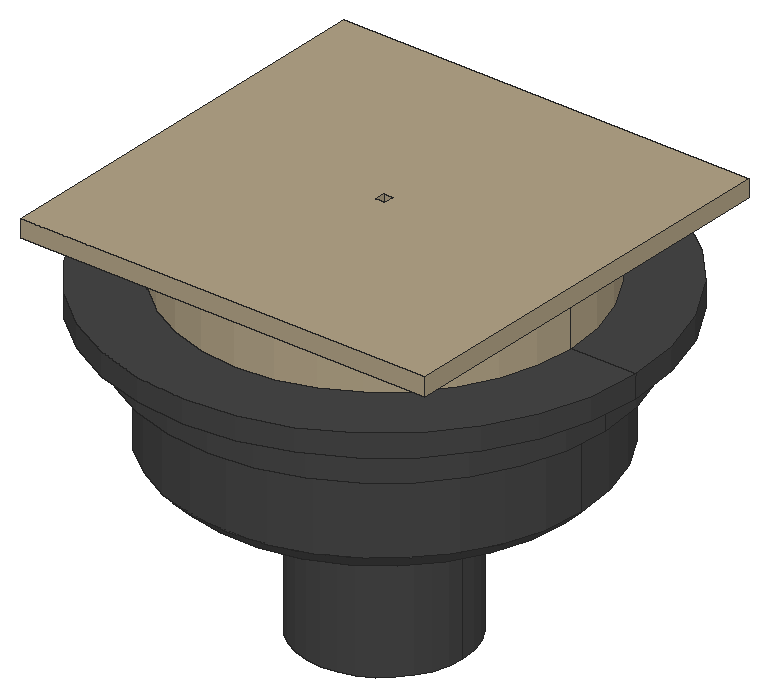
Revit family "Cleanout-Floor-WATTS-CO12-SQ_Series", category Plumbing Fixtures, host Face, Revit 2019
Family settings
  Host = Face
  Round Connector Dimension = Use Radius
  Part Type = Normal
  OmniClass Number = 23.45.55.21
  OmniClass Title = Drains (Wastes)
  Cut with Voids When Loaded = No
  Shared = No
  Room Calculation Point = No
Parameters (values of type "CO12-SQ-2ABS-NB")
  Waste Connection = yes
  WFU = 0
  Vent Connection = no
  URL = "http://www.watts.com"
  Top Material = Metal-WATTS-Nickel Bronze
  Revised Date = "02/07/2023"  # constant formula
  Region = "North America"  # constant formula
  Product Page URL = "https://www.watts.com/products/drainage-solutions/light-commercial/co12-sq"
  Product Documentation Link = "https://www.watts.com/dfsmedia/0533dbba17714b1ab581ab07a4cbb521/60191-source/es-wdlc-co12-sq"
  Outlet Radius = 1"
  Outlet Length = 2"  # constant formula
  Model = "CO12-SQ-2ABS-NB"
  Material = "Plastic-WATTS-ABS"
  Manufacturer Product Line = "Drainage Products"  # constant formula
  Manufacturer = "WATTS"  # constant formula
  Installation Type = "Floor Mounted"  # constant formula
  HWFU = 0
  HW Connection = no
  Grate Width = 5 1/8"  # constant formula
  Grate Height = 7/8"
  Flange Thickness = 0.297"  # constant formula
  Flange Radius = 3 3/16"  # constant formula
  Finish = Plastic-WATTS-ABS
  Description = "PVC/ABS Adjustable Floor Cleanout w/Square Top"  # constant formula
  Default Elevation = 0"
  -SS Stainless Steel Top = no
  -NB Nickel Bronze Top = yes
  -DI Ductile Iron Top = no
  Country = "United States"  # constant formula
  Flange Collar Radius = 2 205/256"
  Connection Size = Outlet Radius * 2  # 2"
  Connection Description = "2\" ABS Connection Outlet"
  CWFU = 0
  CW Connection = no
  Body Radius = 2 1/2"  # constant formula
  Body Length = 2"  # constant formula
  Assembly Code = "D2030300"
  Grate Height Constraint = if(Grate Height < 7/8", 7/8", if(Grate Height > 2 3/4", 2 3/4", Grate Height))  # 7/8"
  -VP Vandal Proof Screws = no
Types (6): name | Outlet Radius | Model | Material | Finish | Connection Size | Connection Description
  CO12-SQ-4ABS-NB | 2" | "CO12-SQ-4ABS-NB" | "Plastic-WATTS-ABS" | Plastic-WATTS-ABS | 4" | "4\" ABS Connection Outlet"
  CO12-SQ-3ABS-NB | 1 1/2" | "CO12-SQ-3ABS-NB" | "Plastic-WATTS-ABS" | Plastic-WATTS-ABS | 3" | "3\" ABS Connection Outlet"
  CO12-SQ-2ABS-NB | 1" | "CO12-SQ-2ABS-NB" | "Plastic-WATTS-ABS" | Plastic-WATTS-ABS | 2" | "2\" ABS Connection Outlet"
  CO12-SQ-2PVC-NB | 1" | "CO12-SQ-2PVC-NB" | "Plastic-WATTS-PVC" | Plastic-WATTS-PVC | 2" | "2\" PVC Connection Outlet"
  CO12-SQ-3PVC-NB | 1 1/2" | "CO12-SQ-3PVC-NB" | "Plastic-WATTS-PVC" | Plastic-WATTS-PVC | 3" | "3\" PVC Connection Outlet"
  CO12-SQ-4PVC-NB | 2" | "CO12-SQ-4PVC-NB" | "Plastic-WATTS-PVC" | Plastic-WATTS-PVC | 4" | "4\" PVC Connection Outlet"
Reference planes (in)
  plane 1 "Center (Front/Back)": y = 0
  plane 2: z = 0
  plane 3 "Center (Left/Right)": x = 0
  plane 4: x = 2.5625
  plane 5: x = -2.5625
  plane 6: y = 2.5625
  plane 7: y = -2.5625
  plane 8: z = -0.875
  plane 9: z = -0.25265
  plane 10: z = -4.875
  plane 11: x = 3.1875
  plane 12: x = -3.1875
Forms (in)
  Revolve 1, solid, material "Plastic-WATTS-ABS" <- "Finish"
    sketch origin (0, 0, 0) x (1, 0, 0) y (0, 0, 1)
      loop
        line (0, -0.875) -> (-3.1875, -0.875) -> (-3.1875, -1.15625) -> (-2.80078, -1.15625) -> (-2.80078, -1.65625) -> (-2.5, -1.65625) -> (-2.5, -2.6799) -> (-2.3049, -2.875) -> (-1, -2.875) -> (-1, -4.875) -> (0, -4.875) -> (0, -0.875)
      axis (0, -4.875) -> (0, -0.875)
    angle from 0 to 360
  Sweep 2, solid, material "Metal-WATTS-Nickel Bronze" <- "Top Material"
    path origin (0, 0, 0) x (1, 0, 0) y (0, 1, 0)
      loop
        line (-2.5625, 2.5625) -> (-2.5625, -2.5625) -> (2.5625, -2.5625) -> (2.5625, 2.5625) -> (-2.5625, 2.5625)
    profile origin (0, 2.5625, 0) x (0, 1, 0) y (0, 0, 1)
      loop
        line (0, 0) -> (-2.5, 0) -> (-2.5, -0.25265) -> (-0.20205, -0.25265) -> (0, -0.22064) -> (0, 0)
  Revolve 3, solid, material "Metal-WATTS-Nickel Bronze" <- "Top Material"
    sketch origin (0, 0, 0) x (1, 0, 0) y (0, 0, 1)
      loop
        line (-2.36045, -0.25265) -> (-2.36045, -0.875) -> (0, -0.875) -> (0, -0.25265) -> (-2.36045, -0.25265)
      axis (0, -0.875) -> (0, -0.25265)
    angle from 0 to 360
  Extrusion 4, void
    sketch origin (0, 0, 0) x (1, 0, 0) y (0, 1, 0)
      loop
        line (-2.5625, 2.5625) -> (-2.5625, -2.5625) -> (2.5625, -2.5625) -> (2.5625, 2.5625) -> (-2.5625, 2.5625)
    from -13.1688 to 0
  Extrusion 5, solid, material "Plastic-WATTS-ABS" <- "Finish", visible <- "-VP Vandal Proof Screws"
    sketch origin (0.00164, -0.00047, 0) x (1, 0, 0) y (0, 1, 0)
      loop
        circle (-0.00164, -2.41045) r 0.0606
      loop
        circle (-2.32242, 0.00047) r 0.0606
      loop
        circle (2.31915, 0.00047) r 0.0606
      loop
        circle (-0.00164, 2.4114) r 0.0606
    from -0.14804 to 0.01681
Lines and regions (in)
  Masking region 1
    outline origin (0, 0, 0) x (1, 0, 0) y (0, 1, 0)
      loop
        line (2.5625, 2.5625) -> (-2.5625, 2.5625) -> (-2.5625, -2.5625) -> (2.5625, -2.5625) -> (2.5625, 2.5625)
  Masking region 2
    outline origin (0.172, 0, 0) x (1, 0, 0) y (0, 1, 0)
      loop
        line (2.3905, 2.5625) -> (-2.7345, 2.5625) -> (-2.7345, -2.5625) -> (2.3905, -2.5625) -> (2.3905, 2.5625)
  symbolic lines, detail levels fine
    curve 1: line (-0.40378, -0.39208, 0) -> (0.39773, -0.39208, 0)
    curve 2: line (-0.40378, 0.39542, 0) -> (-0.40378, -0.39208, 0)
    curve 3: line (0.39773, 0.39542, 0) -> (-0.40378, 0.39542, 0)
    curve 4: line (0.39773, -0.39208, 0) -> (0.39773, 0.39542, 0)
    curve 5: line (-0.95675, -0.89208, 0) -> (0.97296, -0.89208, 0)
    curve 6: line (-0.95675, 0.89542, 0) -> (-0.95675, -0.89208, 0)
    curve 7: line (0.97296, 0.89542, 0) -> (-0.95675, 0.89542, 0)
    curve 8: line (0.97296, -0.89208, 0) -> (0.97296, 0.89542, 0)
    curve 9: line (-1.45675, 1.46265, 0) -> (1.56787, 1.46265, 0)
    curve 10: line (-1.45675, -1.46061, 0) -> (-1.45675, 1.46265, 0)
    curve 11: line (1.56787, -1.46061, 0) -> (-1.45675, -1.46061, 0)
    curve 12: line (1.56787, 1.46265, 0) -> (1.56787, -1.46061, 0)
    curve 15: line (-0.95675, -0.89208, 0) -> (0.97296, -0.89208, 0)
    curve 16: line (-0.95675, 0.89542, 0) -> (-0.95675, -0.89208, 0)
    curve 17: line (0.97296, 0.89542, 0) -> (-0.95675, 0.89542, 0)
    curve 18: line (0.97296, -0.89208, 0) -> (0.97296, 0.89542, 0)
  symbolic lines, detail levels medium+fine
    curve 13: line (0, -2.0625, 0) -> (0, 2.31698, 0)
    curve 14: line (2.3125, 0, 0) -> (-2.02444, 0, 0)
Dimensions and locks (in)
  "Flange Radius": plane 3 "Center (Left/Right)" to Revolve 1 sketch curve
  "Body Radius": plane 3 "Center (Left/Right)" to Revolve 1 sketch curve
  "Outlet Length": Revolve 1 sketch curve to Revolve 1 sketch curve
  "Outlet Radius": plane 3 "Center (Left/Right)" to Revolve 1 sketch curve
  "Flange Collar Radius": Revolve 1 sketch curve to plane 3 "Center (Left/Right)"
  plane 2 to plane 8 = 7/8"
  "Grate Height Constraint": plane 2 to plane 8
  "Body Length": Revolve 1 sketch curve to Revolve 1 sketch curve
  "Grate Width": plane 6 to plane 7
  "Grate Width": plane 5 to plane 4
  plane 8 to plane 10 = 4"
  plane 4 to plane 5 = 5 1/8"
  plane 12 to plane 11 = 6 3/8"
  aligned and locked: plane 2 to host face
  aligned and locked: level to host face
  aligned and locked: plane 3 "Center (Left/Right)" to Revolve 1 sketch curve  (x2)
  aligned and locked: Sweep 2 sketch curve to plane 6
  aligned and locked: plane 5 to Sweep 2 sketch curve
  aligned and locked: plane 7 to Sweep 2 sketch curve
  aligned and locked: Sweep 2 sketch curve to plane 4
  aligned and locked: plane 8 to Revolve 1 sketch curve
  aligned and locked: Revolve 3 sketch curve to Sweep 2  (x2)
  aligned and locked: Revolve 3 sketch curve to plane 3 "Center (Left/Right)"
  aligned and locked: plane 3 "Center (Left/Right)" to Revolve 3 sketch curve
  aligned and locked: Masking region 1 sketch curve to Sweep 2  (x4)
  aligned and locked: Extrusion 4 sketch curve to Sweep 2  (x4)
  aligned and locked: Extrusion 4 to Sweep 2
  aligned and locked: Masking region 2 sketch curve to Masking region 1  (x4)
Automatic sketch dimensions
  host sketch curve to host sketch curve = 96"  (x2)
  Revolve 3 sketch curve to plane 8 = 0"
  level to Revolve 3 sketch curve = 0.74735"
  Revolve 3 sketch curve to Revolve 3 sketch curve = 1/2"
  plane 5 to Revolve 1 sketch curve = 0.2576"
  Revolve 1 sketch curve to Revolve 1 sketch curve = 0.1951"
  Revolve 1 sketch curve to plane 8 = 25/32"
  Revolve 1 sketch curve to Revolve 1 sketch curve = 9/32"
  level to Revolve 1 sketch curve = 1/4"
  Revolve 1 sketch curve to Revolve 1 sketch curve = 1 1/2"
  plane 1 "Center (Front/Back)" to curve 14 = 0"
  curve 13 to plane 3 "Center (Left/Right)" = 0"
  curve 3 to plane 3 "Center (Left/Right)" = 0.40378"
  curve 7 to curve 2 = 0.55297"
  curve 10 to curve 6 = 1/2"
  plane 3 "Center (Left/Right)" to curve 4 = 0.39773"
  curve 1 to curve 8 = 0.57524"
  curve 7 to curve 12 = 0.59491"
  plane 1 "Center (Front/Back)" to curve 1 = 0.39208"
  curve 5 to curve 1 = 1/2"
  curve 11 to curve 5 = 0.56853"
  curve 2 to plane 1 "Center (Front/Back)" = 0.39542"
  curve 2 to curve 6 = 1/2"
  curve 6 to curve 9 = 0.56723"
  plane 5 to curve 14 = 0.53806"
  plane 4 to curve 14 = 1/4"
  curve 13 to plane 7 = 1/2"
  curve 13 to plane 6 = 0.24552"
  Sweep 2 sketch curve to level = 0"
  Sweep 2 sketch curve to profile plane = 0"
  profile plane to Sweep 2 sketch curve = 0.20205"
  Sweep 2 sketch curve to level = 0.25265"
  Sweep 2 sketch curve to Sweep 2 sketch curve = 2.29795"
  Sweep 2 sketch curve to Sweep 2 sketch curve = 0.032"
  plane 1 "Center (Front/Back)" to Extrusion 5 sketch curve = 0"  (x2)
  Extrusion 5 sketch curve to plane 3 "Center (Left/Right)" = 0"  (x2)
  plane 5 to Extrusion 5 sketch curve = 0.24172"
  plane 4 to Extrusion 5 sketch curve = 0.24172"
  Extrusion 5 sketch curve to plane 7 = 0.15157"
  Extrusion 5 sketch curve to plane 6 = 0.15157"
  radius of Extrusion 5 sketch curve = 0.0606"  (x4)
Connectors (in)
  piping at (0, 0, -4.875), diameter 2, driven by "Connection Description", driven by "Outlet Radius"
    settings: on Revolve 1, index 1, connector inside diameter 24", connector length 0", flow factor 0, pipe flow 0 GPM, pressure drop 0.00 psi, fitting loss kfactor 0, connector angle 0.00°, fixture units 0, engagement length 0", angle of deflection 0.00°, flow configuration 2, flow direction 1, fitting loss method 0, system type 16, joint type 0, gender type 0, connector reference index -1, connector utility 0, adjustable connector no, is connector primary yes, connector description "2\" ABS Connection Outlet"
